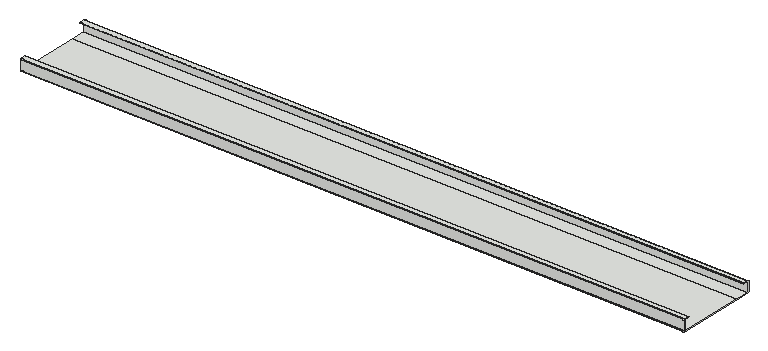
Revit family "PR827", category Mechanical Equipment, Revit 2018
Family settings
  Round Connector Dimension = Use Diameter
  Part Type = Normal
  OmniClass Number = 23.75.00.00
  OmniClass Title = Climate Control (HVAC)
  Work Plane-Based = No
  Always vertical = Yes
  Cut with Voids When Loaded = No
  Shared = No
  Room Calculation Point = No
Parameters (values of type "ISOLAMIN PR827 flashing")
  URL = "http://www.isolamin.se/"
  Thickness = "0.7 mm (Different thicknesses are available on request) \r\n0.7 mm (Different thicknesses are available on request) \r\n0.7 mm (Different thicknesses are available on request)"
  Profile Length = 1180 mm
  Model = "PR827"
  Material = "Galvanized Steel"
  Manufacturer = "ISOLAMIN AB"
  Edition = "1.0 (2018)"
Reference planes
  plane 1 "Center (Front/Back)": y = 0
  plane 2: z = 0
  plane 3 "Center (Left/Right)": x = 0
  plane 4: y = -1284.913
  plane 5: x = 1180
Forms (mm)
  Extrusion 1, solid, material "ISOLAMIN Surface Profile Material"
    sketch origin (0, 0, 0) x (0, 1, 0) y (0, 0, 1)
      loop
        line (-1, 19) -> (-1, 1) -> (-26.26, 1) -> (-141, 1) -> (-141, 19) -> (-132, 19) -> (-132, 20) -> (-141, 20)
        arc (-141, 20) -> (-141.707, 19.707) -> (-142, 19) r 1
        line (-142, 19) -> (-142, 1)
        arc (-142, 1) -> (-141.707, 0.293) -> (-141, 0) r 1
        line (-141, 0) -> (-26.26, 0) -> (-1, 0)
        arc (-1, 0) -> (-0.293, 0.293) -> (0, 1) r 1
        line (0, 1) -> (0, 19)
        arc (0, 19) -> (-0.293, 19.707) -> (-1, 20) r 1
        line (-1, 20) -> (-10, 20) -> (-10, 19) -> (-1, 19)
    from 0 to 1180
Dimensions and locks
  "Profile Length": plane 3 "Center (Left/Right)" to plane 5
  aligned and locked: level to plane 2
  aligned and locked: plane 5 to Extrusion 1
Automatic sketch dimensions
  Extrusion 1 sketch curve to level = 0 mm
  Extrusion 1 sketch curve to plane 1 "Center (Front/Back)" = 0 mm
  plane 1 "Center (Front/Back)" to Extrusion 1 sketch curve = 1 mm  (x2)
  Extrusion 1 sketch curve to Extrusion 1 sketch curve = 0 mm  (x6)
  Extrusion 1 sketch curve to Extrusion 1 sketch curve = 9 mm  (x2)
  level to Extrusion 1 sketch curve = 1 mm  (x2)
  Extrusion 1 sketch curve to Extrusion 1 sketch curve = 16.26 mm
  level to Extrusion 1 sketch curve = 20 mm
  Extrusion 1 sketch curve to Extrusion 1 sketch curve = 105.74 mm
  Extrusion 1 sketch curve to Extrusion 1 sketch curve = 18 mm
